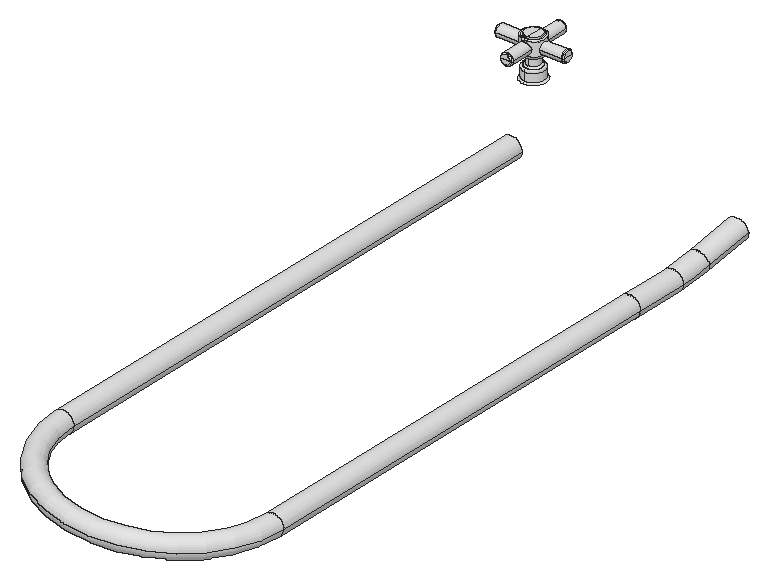
Revit family "Deca_Ducha higiênica com registro e derivação_Izy_1984.37.ACT", category Plumbing Fixtures, host Face, Revit 2020 (continued)
Lines and regions (m)
  symbolic lines
    curve 356: arc (0, 0.044216, 0.067641) -> (0, 0.063098, 0.065649) -> (0, 0.081864, 0.062763) r 0.4
    curve 357: arc (0, 0.044616, 0.063544) -> (0, 0.043697, 0.064259) -> (0, 0.043566, 0.065416) r 0.0015
    curve 358: line (0, 0.044616, 0.063544) -> (0, 0.046859, 0.062924)
    curve 359: arc (0, 0.046859, 0.062924) -> (0, 0.057298, 0.059852) -> (0, 0.06765, 0.056497) r 0.4
    curve 360: arc (0, 0.06765, 0.056497) -> (0, 0.072069, 0.054595) -> (0, 0.076132, 0.052018) r 0.03032
    curve 361: line (0, 0.044216, 0.067641) -> (0, 0.043566, 0.065416)
    curve 362: arc (0, 0.047263, 0.064369) -> (0, 0.064349, 0.062458) -> (0, 0.081338, 0.05981) r 0.397
    curve 363: arc (0, 0.081338, 0.05981) -> (0, 0.087055, 0.059966) -> (0, 0.092775, 0.060013) r 0.301364
    curve 364: arc (0, 0.076132, 0.052018) -> (0, 0.081951, 0.046206) -> (0, 0.086046, 0.039074) r 0.031159
    curve 365: line (0, 0.103231, 0.047087) -> (0, 0.076527, 0.034635)
    curve 366: line (0, 0.076527, 0.034635) -> (0, 0.087714, 0.010781)
    curve 367: line (0, 0.087714, 0.010781) -> (0, 0.089298, 0.009867)
    curve 368: line (0, 0.111254, 0.021821) -> (0, 0.110934, 0.020015)
    curve 369: line (0, 0.111254, 0.021821) -> (0, 0.104125, 0.037021)
    curve 370: line (0, 0.103834, 0.046822) -> (0, 0.107226, 0.039577)
    curve 371: line (0, 0.102686, 0.036899) -> (0, 0.106985, 0.038912)
    curve 372: arc (0, 0.107226, 0.039577) -> (0, 0.107243, 0.039194) -> (0, 0.106985, 0.038912) r 0.0005
    curve 373: arc (0, 0.103231, 0.047087) -> (0, 0.103582, 0.047068) -> (0, 0.103834, 0.046822) r 0.0005
    curve 374: line (0, 0.102686, 0.036899) -> (0, 0.099076, 0.044595)
    curve 375: arc (0, 0.104125, 0.037021) -> (0, 0.104108, 0.037403) -> (0, 0.104366, 0.037686) r 0.0005
    curve 376: arc (0, 0.099076, 0.044595) -> (0, 0.099076, 0.045028) -> (0, 0.099409, 0.045305) r 0.00051
    curve 377: line (0, 0.11205, 0.020538) -> (0, 0.113375, 0.015637)
    curve 378: line (0, 0.091113, 0.005196) -> (0, 0.113375, 0.015637)
    curve 379: line (0, 0.091113, 0.005196) -> (0, 0.088192, 0.009348)
    curve 380: line (0, 0.088192, 0.009348) -> (0, 0.11205, 0.020538)
    curve 381: line (0, 0.0309, 0.04718) -> (0, 0.0249, 0.04718)
    curve 382: line (0, 0.0309, 0.02304) -> (0, 0.0309, 0.04718)
    curve 383: line (0, 0.0249, 0.02304) -> (0, 0.0309, 0.02304)
    curve 384: line (0, 0.0249, 0.04718) -> (0, 0.0249, 0.02304)
    curve 385: line (0, 0.0214, 0.046887) -> (0, 0.0214, 0.02339)
    curve 386: line (0, 0.0214, 0.02339) -> (0, 0.0249, 0.02339)
    curve 387: arc (0, 0.014685, 0.018011) -> (0, 0.0156, 0.020857) -> (0, 0.018, 0.022639) r 0.004894
    curve 388: line (0, 0.014685, 0.015442) -> (0, 0.014685, 0.018011)
    curve 389: line (0, -0.014685, 0.018011) -> (0, -0.014685, 0.015442)
    curve 390: arc (0, -0.018, 0.022639) -> (0, -0.015601, 0.020859) -> (0, -0.014685, 0.018016) r 0.00489
    curve 391: line (0, -0.018, 0.022639) -> (0, -0.018, 0.047626)
    curve 392: arc (0, -0.010509, 0.03122) -> (0, -0.008944, 0.035141) -> (0, -0.010509, 0.039062) r 0.005693
    curve 393: arc (0, -0.018, 0.04635) -> (0, -0.014036, 0.042931) -> (0, -0.010509, 0.039062) r 0.043617
    curve 394: arc (0, -0.010509, 0.03122) -> (0, -0.014114, 0.02743) -> (0, -0.018, 0.02393) r 0.06767
    curve 395: arc (0, 0.010509, 0.03122) -> (0, 0.008944, 0.035141) -> (0, 0.010509, 0.039062) r 0.005693
    curve 396: arc (0, 0.018, 0.04635) -> (0, 0.014035, 0.042931) -> (0, 0.010509, 0.039062) r 0.043617
    curve 397: arc (0, 0.010509, 0.03122) -> (0, 0.014114, 0.02743) -> (0, 0.018, 0.02393) r 0.06767
    curve 398: line (0, 0.0214, 0.025875) -> (0, 0.0195, 0.025875)
    curve 399: line (0, 0.018, 0.024825) -> (0, 0.0195, 0.025875)
    curve 400: line (0, 0.019955, 0.019516) -> (0, 0.018907, 0.02546)
    curve 401: line (0, 0.047263, 0.064369) -> (0, 0.043743, 0.066022)
    curve 402: line (0, -0.0301, 0.045125) -> (0, -0.0301, 0.025155)
    curve 403: line (0, -0.021115, 0.04614) -> (0, -0.029085, 0.04614)
    curve 404: line (0, -0.0201, 0.025155) -> (0, -0.0201, 0.045125)
    curve 405: arc (0, -0.0201, 0.045125) -> (0, -0.020397, 0.045843) -> (0, -0.021115, 0.04614) r 0.001015
    curve 406: arc (0, -0.0301, 0.045125) -> (0, -0.029803, 0.045843) -> (0, -0.029085, 0.04614) r 0.001015
    curve 407: line (0, -0.021115, 0.02414) -> (0, -0.029085, 0.02414)
    curve 408: arc (0, -0.0201, 0.025155) -> (0, -0.020397, 0.024437) -> (0, -0.021115, 0.02414) r 0.001015
    curve 409: arc (0, -0.0301, 0.025155) -> (0, -0.029803, 0.024437) -> (0, -0.029085, 0.02414) r 0.001015
    curve 410: line (0, -0.018, 0.045455) -> (0, -0.0201, 0.044318)
    curve 411: line (0, -0.018, 0.024825) -> (0, -0.0201, 0.025854)
    curve 412: line (0, -0.0201, 0.03514) -> (0, -0.0301, 0.03514)
    curve 413: line (0, -0.0393, 0.025) -> (0, -0.0393, 0.045)
    curve 414: line (0, -0.569236, 0.042) -> (0, -0.0301, 0.042)
    curve 415: arc (0, -0.569236, 0.042) -> (0, -0.604881, 0.041067) -> (0, -0.640429, 0.038269) r 0.681084
    curve 416: arc (0, -0.640429, 0.038269) -> (0, -0.653227, 0.035549) -> (0, -0.66518, 0.030227) r 0.062585
    curve 417: arc (0, -0.66518, 0.030227) -> (0, -0.668663, 0.022758) -> (0, -0.662835, 0.016931) r 0.007184
    curve 418: arc (0, -0.662835, 0.016931) -> (0, -0.638025, 0.013444) -> (0, -0.613031, 0.011696) r 0.35895
    curve 419: line (0, -0.613031, 0.011696) -> (0, -0.078031, 0.011696)
    curve 420: line (0, -0.078031, 0.011696) -> (0, -0.015153, 0.019417)
    curve 421: line (0, -0.1143, 0.045) -> (0, -0.1143, 0.00817)
    curve 422: line (0, -0.1218, 0.045) -> (0, -0.1218, 0.00817)
    curve 423: line (0, -0.1293, 0.045) -> (0, -0.1293, 0.00817)
    curve 424: line (0, -0.1368, 0.045) -> (0, -0.1368, 0.00817)
    curve 425: line (0, -0.1443, 0.045) -> (0, -0.1443, 0.00817)
    curve 426: line (0, -0.1518, 0.045) -> (0, -0.1518, 0.00817)
    curve 427: line (0, -0.1593, 0.045) -> (0, -0.1593, 0.00817)
    curve 428: line (0, -0.1668, 0.045) -> (0, -0.1668, 0.00817)
    curve 429: line (0, -0.1743, 0.045) -> (0, -0.1743, 0.00817)
    curve 430: line (0, -0.1818, 0.045) -> (0, -0.1818, 0.00817)
    curve 431: line (0, -0.1893, 0.045) -> (0, -0.1893, 0.00817)
    curve 432: line (0, -0.1968, 0.045) -> (0, -0.1968, 0.00817)
    curve 433: line (0, -0.2043, 0.045) -> (0, -0.2043, 0.00817)
    curve 434: line (0, -0.2118, 0.045) -> (0, -0.2118, 0.00817)
    curve 435: line (0, -0.2193, 0.045) -> (0, -0.2193, 0.00817)
    curve 436: line (0, -0.2268, 0.045) -> (0, -0.2268, 0.00817)
    curve 437: line (0, -0.2343, 0.045) -> (0, -0.2343, 0.00817)
    curve 438: line (0, -0.2418, 0.045) -> (0, -0.2418, 0.00817)
    curve 439: line (0, -0.2493, 0.045) -> (0, -0.2493, 0.00817)
    curve 440: line (0, -0.2568, 0.045) -> (0, -0.2568, 0.00817)
    curve 441: line (0, -0.2643, 0.045) -> (0, -0.2643, 0.00817)
    curve 442: line (0, -0.2718, 0.045) -> (0, -0.2718, 0.00817)
    curve 443: line (0, -0.2793, 0.045) -> (0, -0.2793, 0.00817)
    curve 444: line (0, -0.2868, 0.045) -> (0, -0.2868, 0.00817)
    curve 445: line (0, -0.2943, 0.045) -> (0, -0.2943, 0.00817)
    curve 446: line (0, -0.3018, 0.045) -> (0, -0.3018, 0.00817)
    curve 447: line (0, -0.3093, 0.045) -> (0, -0.3093, 0.00817)
    curve 448: line (0, -0.3168, 0.045) -> (0, -0.3168, 0.00817)
    curve 449: line (0, -0.3243, 0.045) -> (0, -0.3243, 0.00817)
    curve 450: line (0, -0.3318, 0.045) -> (0, -0.3318, 0.00817)
    curve 451: line (0, -0.3393, 0.045) -> (0, -0.3393, 0.00817)
    curve 452: line (0, -0.3468, 0.045) -> (0, -0.3468, 0.00817)
    curve 453: line (0, -0.3543, 0.045) -> (0, -0.3543, 0.00817)
    curve 454: line (0, -0.3618, 0.045) -> (0, -0.3618, 0.00817)
    curve 455: line (0, -0.3693, 0.045) -> (0, -0.3693, 0.00817)
    curve 456: line (0, -0.3768, 0.045) -> (0, -0.3768, 0.00817)
    curve 457: line (0, -0.3843, 0.045) -> (0, -0.3843, 0.00817)
    curve 458: line (0, -0.3918, 0.045) -> (0, -0.3918, 0.00817)
    curve 459: line (0, -0.3993, 0.045) -> (0, -0.3993, 0.00817)
    curve 460: line (0, -0.4068, 0.045) -> (0, -0.4068, 0.00817)
    curve 461: line (0, -0.4143, 0.045) -> (0, -0.4143, 0.00817)
    curve 462: line (0, -0.4218, 0.045) -> (0, -0.4218, 0.00817)
    curve 463: line (0, -0.4293, 0.045) -> (0, -0.4293, 0.00817)
    curve 464: line (0, -0.4368, 0.045) -> (0, -0.4368, 0.00817)
    curve 465: line (0, -0.4443, 0.045) -> (0, -0.4443, 0.00817)
    curve 466: line (0, -0.4518, 0.045) -> (0, -0.4518, 0.00817)
    curve 467: line (0, -0.4593, 0.045) -> (0, -0.4593, 0.00817)
    curve 468: line (0, -0.4668, 0.045) -> (0, -0.4668, 0.00817)
    curve 469: line (0, -0.4743, 0.045) -> (0, -0.4743, 0.00817)
    curve 470: line (0, -0.4818, 0.045) -> (0, -0.4818, 0.00817)
    curve 471: line (0, -0.4893, 0.045) -> (0, -0.4893, 0.00817)
    curve 472: line (0, -0.4968, 0.045) -> (0, -0.4968, 0.00817)
    curve 473: line (0, -0.5043, 0.045) -> (0, -0.5043, 0.00817)
    curve 474: line (0, -0.5118, 0.045) -> (0, -0.5118, 0.00817)
    curve 475: line (0, -0.5193, 0.045) -> (0, -0.5193, 0.00817)
    curve 476: line (0, -0.5268, 0.045) -> (0, -0.5268, 0.00817)
    curve 477: line (0, -0.5343, 0.045) -> (0, -0.5343, 0.00817)
    curve 478: line (0, -0.5418, 0.045) -> (0, -0.5418, 0.00817)
    curve 479: line (0, -0.5493, 0.045) -> (0, -0.5493, 0.00817)
    curve 480: line (0, -0.5568, 0.045) -> (0, -0.5568, 0.00817)
    curve 481: line (0, -0.5643, 0.045) -> (0, -0.5643, 0.00817)
    curve 482: line (0, -0.5718, 0.045) -> (0, -0.5718, 0.00817)
    curve 483: line (0, -0.5793, 0.045) -> (0, -0.5793, 0.00817)
    curve 484: line (0, -0.5868, 0.045) -> (0, -0.5868, 0.00817)
    curve 485: line (0, -0.5943, 0.045) -> (0, -0.5943, 0.00817)
    curve 486: line (0, -0.6018, 0.045) -> (0, -0.6018, 0.00817)
    curve 487: line (0, -0.6093, 0.045) -> (0, -0.6093, 0.00817)
    curve 488: line (0, -0.6168, 0.045) -> (0, -0.6168, 0.00817)
    curve 489: line (0, -0.6243, 0.045) -> (0, -0.6243, 0.00817)
    curve 490: line (0, -0.6318, 0.045) -> (0, -0.6318, 0.00817)
    curve 491: line (0, -0.6393, 0.04317) -> (0, -0.6393, 0.009431)
    curve 492: line (0, -0.6468, 0.040633) -> (0, -0.6468, 0.010633)
    curve 493: line (0, -0.6543, 0.039357) -> (0, -0.6543, 0.012649)
    curve 494: line (0, -0.6618, 0.037097) -> (0, -0.6618, 0.014914)
    curve 495: line (0, -0.1068, 0.045) -> (0, -0.1068, 0.00817)
    curve 496: line (0, -0.0993, 0.045) -> (0, -0.0993, 0.00817)
    curve 497: line (0, -0.0918, 0.045) -> (0, -0.0918, 0.00817)
    curve 498: line (0, -0.0843, 0.045) -> (0, -0.0843, 0.00817)
    curve 499: line (0, -0.0768, 0.045) -> (0, -0.0768, 0.00817)
    curve 500: line (0, -0.0693, 0.045) -> (0, -0.0693, 0.00817)
    curve 501: line (0, -0.064286, 0.008216) -> (0, -0.067361, 0.025656)
    curve 502: line (0, -0.0569, 0.009519) -> (0, -0.0598, 0.025965)
    curve 503: line (0, -0.049514, 0.010821) -> (0, -0.0523, 0.026621)
    curve 504: line (0, -0.042128, 0.012123) -> (0, -0.0448, 0.027277)
    curve 505: line (0, -0.034742, 0.013426) -> (0, -0.0373, 0.027933)
    curve 506: line (0, -0.027356, 0.014728) -> (0, -0.028975, 0.023911)
    curve 507: line (0, -0.0618, 0.045) -> (0, -0.0618, 0.025612)
    curve 508: line (0, -0.0543, 0.045) -> (0, -0.0543, 0.025)
    curve 509: line (0, -0.0468, 0.045) -> (0, -0.0468, 0.025)
    curve 510: line (0, -0.014645, 0.07402) -> (0, -0.014645, 0.052104)
    curve 511: line (0, -0.014645, 0.053298) -> (0, 0.01463, 0.053298)
    curve 512: line (0, 0.01463, 0.052104) -> (0, 0.01463, 0.07402)
    curve 513: line (0, -0.015126, 0.07402) -> (0, 0.015126, 0.07402)
    curve 514: line (0, 0.015126, 0.07402) -> (0, 0.015126, 0.08235)
    curve 515: line (0, -0.015126, 0.07402) -> (0, -0.015126, 0.08235)
    curve 516: line (0, 0, 0.082887) -> (0, -0.011662, 0.082887)
    curve 517: arc (0, -0.008662, 0.094044) -> (0, -0.009722, 0.093605) -> (0, -0.010162, 0.092544) r 0.0015
    curve 518: arc (0, -0.007583, 0.09412) -> (0, -0.006532, 0.094838) -> (0, -0.006127, 0.096044) r 0.002
    curve 519: line (0, -0.006127, 0.096044) -> (0, -0.006127, 0.104275)
    curve 520: line (0, -0.010162, 0.084387) -> (0, -0.010162, 0.092544)
    curve 521: line (0, -0.008662, 0.094044) -> (0, -0.007583, 0.09412)
    curve 522: line (0, 0, 0.082887) -> (0, 0.011662, 0.082887)
    curve 523: arc (0, -0.010162, 0.084387) -> (0, -0.010601, 0.083327) -> (0, -0.011662, 0.082887) r 0.0015
    curve 524: line (0, -0.011662, 0.082887) -> (0, -0.013863, 0.082887)
    curve 525: line (0, -0.015126, 0.08235) -> (0, -0.013863, 0.082887)
    curve 526: arc (0, 0.008662, 0.094044) -> (0, 0.009722, 0.093605) -> (0, 0.010162, 0.092544) r 0.0015
    curve 527: arc (0, 0.007583, 0.09412) -> (0, 0.006532, 0.094838) -> (0, 0.006127, 0.096044) r 0.002
    curve 528: line (0, 0.006127, 0.096044) -> (0, 0.006127, 0.104275)
    curve 529: line (0, 0.010162, 0.084387) -> (0, 0.010162, 0.092544)
    curve 530: line (0, 0.008662, 0.094044) -> (0, 0.007583, 0.09412)
    curve 531: arc (0, 0.010162, 0.084387) -> (0, 0.010601, 0.083327) -> (0, 0.011662, 0.082887) r 0.0015
    curve 532: line (0, 0.011662, 0.082887) -> (0, 0.013863, 0.082887)
    curve 533: line (0, 0.015126, 0.08235) -> (0, 0.013863, 0.082887)
    curve 534: line (0, -0.008662, 0.094044) -> (0, 0.008662, 0.094044)
    curve 535: line (0, 0.008958, 0.104275) -> (0, -0.008959, 0.104275)
    curve 536: arc (0, 0.008958, 0.104275) -> (0, 0.010373, 0.10486) -> (0, 0.010958, 0.106275) r 0.002
    curve 537: arc (0, -0.010959, 0.106275) -> (0, -0.010373, 0.10486) -> (0, -0.008959, 0.104275) r 0.002
    curve 538: arc (0, -0.032876, 0.107765) -> (0, -0.032579, 0.107054) -> (0, -0.031864, 0.106765) r 0.001
    curve 539: line (0, -0.032876, 0.116724) -> (0, -0.032876, 0.107765)
    curve 540: arc (0, -0.031876, 0.117724) -> (0, -0.032583, 0.117431) -> (0, -0.032876, 0.116724) r 0.001
    curve 541: line (0, -0.031876, 0.117724) -> (0, -0.010959, 0.117724)
    curve 542: line (0, -0.010959, 0.106765) -> (0, -0.031864, 0.106765)
    curve 543: line (0, 0.031876, 0.106765) -> (0, 0.010958, 0.106765)
    curve 544: arc (0, 0.031876, 0.106765) -> (0, 0.032583, 0.107058) -> (0, 0.032876, 0.107765) r 0.001
    curve 545: line (0, 0.032876, 0.107765) -> (0, 0.032876, 0.116716)
    curve 546: arc (0, 0.032876, 0.116716) -> (0, 0.032585, 0.117428) -> (0, 0.031876, 0.117724) r 0.001
    curve 547: line (0, 0.010958, 0.117724) -> (0, 0.031876, 0.117724)
    curve 548: arc (0, 0.010958, 0.106765) -> (0, 0.009502, 0.112244) -> (0, 0.010958, 0.117724) r 0.011032
    curve 549: arc (0, -0.010959, 0.106765) -> (0, -0.009502, 0.112244) -> (0, -0.010959, 0.117724) r 0.011032
    curve 550: line (0, 0.009958, 0.120214) -> (0, -0.009959, 0.120214)
    curve 551: arc (0, -0.009959, 0.120214) -> (0, -0.010666, 0.119921) -> (0, -0.010959, 0.119214) r 0.001
    curve 552: line (0, -0.010959, 0.117724) -> (0, -0.010959, 0.119214)
    curve 553: arc (0, 0.010958, 0.119214) -> (0, 0.010666, 0.119921) -> (0, 0.009958, 0.120214) r 0.001
    curve 554: line (0, 0.010958, 0.119214) -> (0, 0.010958, 0.117724)
    curve 555: line (0, 0.004411, 0.111467) -> (0, 0.004209, 0.110712)
    curve 556: line (0, 0.004209, 0.110712) -> (0, 0.003879, 0.110005)
    curve 557: line (0, 0.003879, 0.110005) -> (0, 0.003431, 0.109365)
    curve 558: line (0, 0.003431, 0.109365) -> (0, 0.002879, 0.108813)
    curve 559: line (0, 0.002879, 0.108813) -> (0, 0.00224, 0.108365)
    curve 560: line (0, 0.00224, 0.108365) -> (0, 0.001532, 0.108035)
    curve 561: line (0, 0.001532, 0.108035) -> (0, 0.000778, 0.107833)
    curve 562: line (0, 0.000778, 0.107833) -> (0, 0, 0.107765)
    curve 563: line (0, 0, 0.107765) -> (0, -0.000778, 0.107833)
    curve 564: line (0, -0.000778, 0.107833) -> (0, -0.001532, 0.108035)
    curve 565: line (0, -0.001532, 0.108035) -> (0, -0.00224, 0.108365)
    curve 566: line (0, -0.00224, 0.108365) -> (0, -0.002879, 0.108813)
    curve 567: line (0, -0.002879, 0.108813) -> (0, -0.003431, 0.109365)
    curve 568: line (0, -0.003431, 0.109365) -> (0, -0.003879, 0.110005)
    curve 569: line (0, -0.003879, 0.110005) -> (0, -0.004209, 0.110712)
    curve 570: line (0, -0.004209, 0.110712) -> (0, -0.004411, 0.111467)
    curve 571: line (0, -0.004411, 0.111467) -> (0, -0.004479, 0.112244)
    curve 572: line (0, -0.004479, 0.112244) -> (0, -0.004411, 0.113022)
    curve 573: line (0, -0.004411, 0.113022) -> (0, -0.004209, 0.113776)
    curve 574: line (0, -0.004209, 0.113776) -> (0, -0.003879, 0.114484)
    curve 575: line (0, -0.003879, 0.114484) -> (0, -0.003431, 0.115124)
    curve 576: line (0, -0.003431, 0.115124) -> (0, -0.002879, 0.115676)
    curve 577: line (0, -0.002879, 0.115676) -> (0, -0.00224, 0.116124)
    curve 578: line (0, -0.00224, 0.116124) -> (0, -0.001532, 0.116454)
    curve 579: line (0, -0.001532, 0.116454) -> (0, -0.000778, 0.116656)
    curve 580: line (0, -0.000778, 0.116656) -> (0, 0, 0.116724)
    curve 581: line (0, 0, 0.116724) -> (0, 0.000778, 0.116656)
    curve 582: line (0, 0.000778, 0.116656) -> (0, 0.001532, 0.116454)
    curve 583: line (0, 0.001532, 0.116454) -> (0, 0.00224, 0.116124)
    curve 584: line (0, 0.00224, 0.116124) -> (0, 0.002879, 0.115676)
    curve 585: line (0, 0.002879, 0.115676) -> (0, 0.003431, 0.115124)
    curve 586: line (0, 0.003431, 0.115124) -> (0, 0.003879, 0.114484)
    curve 587: line (0, 0.003879, 0.114484) -> (0, 0.004209, 0.113776)
    curve 588: line (0, 0.004209, 0.113776) -> (0, 0.004411, 0.113022)
    curve 589: line (0, 0.004411, 0.113022) -> (0, 0.004479, 0.112244)
    curve 590: line (0, 0.004479, 0.112244) -> (0, 0.004411, 0.111467)
    curve 591: arc (0, 0.005479, 0.112245) -> (0, 0.003874, 0.116119) -> (0, 0, 0.117724) r 0.00548
    curve 592: arc (0, 0, 0.117724) -> (0, -0.003874, 0.116119) -> (0, -0.005479, 0.112245) r 0.005479
    curve 593: line (0, -0.005479, 0.112245) -> (0, -0.005396, 0.111293)
    curve 594: line (0, -0.005396, 0.111293) -> (0, -0.005149, 0.11037)
    curve 595: line (0, -0.005149, 0.11037) -> (0, -0.004745, 0.109505)
    curve 596: line (0, -0.004745, 0.109505) -> (0, -0.004197, 0.108722)
    curve 597: line (0, -0.004197, 0.108722) -> (0, -0.003522, 0.108047)
    curve 598: line (0, -0.003522, 0.108047) -> (0, -0.00274, 0.107499)
    curve 599: line (0, -0.00274, 0.107499) -> (0, -0.001874, 0.107096)
    curve 600: line (0, -0.001874, 0.107096) -> (0, -0.000952, 0.106848)
    curve 601: line (0, -0.000952, 0.106848) -> (0, 0, 0.106765)
    curve 602: line (0, 0, 0.106765) -> (0, 0.000951, 0.106848)
    curve 603: line (0, 0.000951, 0.106848) -> (0, 0.001874, 0.107096)
    curve 604: line (0, 0.001874, 0.107096) -> (0, 0.00274, 0.107499)
    curve 605: line (0, 0.00274, 0.107499) -> (0, 0.003522, 0.108047)
    curve 606: line (0, 0.003522, 0.108047) -> (0, 0.004197, 0.108722)
    curve 607: line (0, 0.004197, 0.108722) -> (0, 0.004745, 0.109505)
    curve 608: line (0, 0.004745, 0.109505) -> (0, 0.005149, 0.11037)
    curve 609: line (0, 0.005149, 0.11037) -> (0, 0.005396, 0.111293)
    curve 610: line (0, 0.005396, 0.111293) -> (0, 0.005479, 0.112245)
    curve 611: line (0, 0, 0.082887) -> (0, 0, 0.07402)
    curve 612: line (0, 0.010652, 0.07402) -> (0, 0.010652, 0.082887)
    curve 613: line (0, -0.010804, 0.07402) -> (0, -0.010804, 0.082887)
    curve 614: arc (0, 0.014629, 0.052131) -> (0, 0.015601, 0.049342) -> (0, 0.018, 0.047621) r 0.00489
    curve 615: line (0, 0.029887, 0) -> (0, -0.029887, 0)
    curve 616: line (0, -0.029887, 0) -> (0, -0.029887, 0.002639)
    curve 617: arc (0, -0.029887, 0.002639) -> (0, -0.029738, 0.003415) -> (0, -0.029301, 0.004073) r 0.002
    curve 618: line (0, -0.029301, 0.004073) -> (0, -0.021214, 0.01216)
    curve 619: arc (0, -0.021214, 0.01216) -> (0, -0.020889, 0.012377) -> (0, -0.020507, 0.012453) r 0.001
    curve 620: line (0, -0.020507, 0.012453) -> (0, 0.020507, 0.012453)
    curve 621: arc (0, 0.020507, 0.012453) -> (0, 0.020889, 0.012377) -> (0, 0.021214, 0.01216) r 0.001
    curve 622: line (0, 0.021214, 0.01216) -> (0, 0.029301, 0.004073)
    curve 623: arc (0, 0.029301, 0.004073) -> (0, 0.029735, 0.003424) -> (0, 0.029887, 0.002658) r 0.002
    curve 624: line (0, 0.029887, 0.002658) -> (0, 0.029887, 0)
    curve 625: line (0, -0.01859, 0.014043) -> (0, -0.016792, 0.015081)
    curve 626: line (0, -0.019925, 0.012453) -> (0, -0.01859, 0.014043)
    curve 627: line (0, -0.014748, 0.015442) -> (0, 0.014748, 0.015442)
    curve 628: line (0, -0.016792, 0.015081) -> (0, -0.014748, 0.015442)
    curve 629: line (0, 0.01859, 0.014043) -> (0, 0.019925, 0.012453)
    curve 630: line (0, 0.016792, 0.015081) -> (0, 0.01859, 0.014043)
    curve 631: line (0, 0.014748, 0.015442) -> (0, 0.016792, 0.015081)
    curve 632: line (0, -0.029301, 0.004073) -> (0, 0.029301, 0.004073)
    curve 633: line (0.207973, 0, 0.064113) -> (0.207973, 0, 0.05981)
    curve 634: line (0.207973, 0, 0.05981) -> (0.207973, 0, 0.044441)
    curve 635: line (0.194973, 0, 0.067641) -> (0.204973, 0, 0.067641)
    curve 636: line (0.191973, 0, 0.044447) -> (0.191973, 0, 0.064113)
    curve 637: arc (0.207973, 0, 0.064113) -> (0.207289, 0, 0.066571) -> (0.204973, 0, 0.067641) r 0.00304
    curve 638: arc (0.191973, 0, 0.064113) -> (0.192658, 0, 0.066571) -> (0.194973, 0, 0.067641) r 0.00304
    curve 639: line (0.204973, 0, 0.067641) -> (0.204973, 0, 0.062763)
    curve 640: line (0.194973, 0, 0.062763) -> (0.194973, 0, 0.067641)
    curve 641: line (0.199973, 0, 0.047118) -> (0.199973, 0, 0.061008)
    curve 642: arc (0.204973, 0, 0.062763) -> (0.204527, 0, 0.062018) -> (0.203766, 0, 0.0616) r 0.001659
    curve 643: arc (0.203766, 0, 0.0616) -> (0.199961, 0, 0.061008) -> (0.196155, 0, 0.0616) r 0.012523
    curve 644: arc (0.194973, 0, 0.062763) -> (0.19542, 0, 0.062018) -> (0.196181, 0, 0.0616) r 0.001659
    curve 645: arc (0.204973, 0, 0.062763) -> (0.207092, 0, 0.061915) -> (0.207973, 0, 0.05981) r 0.002954
    curve 646: arc (0.194973, 0, 0.062763) -> (0.192855, 0, 0.061915) -> (0.191973, 0, 0.05981) r 0.002954
    curve 647: line (0.207973, 0, 0.05981) -> (0.191973, 0, 0.05981)
    curve 648: line (0.205473, 0, 0.045114) -> (0.207435, 0, 0.044633)
    curve 649: line (0.207435, 0, 0.044633) -> (0.20917, 0, 0.044014)
    curve 650: line (0.20917, 0, 0.044014) -> (0.210626, 0, 0.043276)
    curve 651: line (0.210626, 0, 0.043276) -> (0.211758, 0, 0.042443)
    curve 652: line (0.211758, 0, 0.042443) -> (0.212532, 0, 0.041538)
    curve 653: line (0.212532, 0, 0.041538) -> (0.212925, 0, 0.040591)
    curve 654: line (0.212973, 0, 0.040112) -> (0.212973, 0, 0.016301)
    curve 655: line (0.212973, 0, 0.016301) -> (0.212776, 0, 0.01726)
    curve 656: line (0.212776, 0, 0.01726) -> (0.212189, 0, 0.018189)
    curve 657: line (0.212189, 0, 0.018189) -> (0.211232, 0, 0.019061)
    curve 658: line (0.211232, 0, 0.019061) -> (0.209932, 0, 0.01985)
    curve 659: line (0.209932, 0, 0.01985) -> (0.20833, 0, 0.02053)
    curve 660: line (0.20833, 0, 0.02053) -> (0.206473, 0, 0.021082)
    curve 661: line (0.206473, 0, 0.021082) -> (0.20442, 0, 0.021489)
    curve 662: line (0.20442, 0, 0.021489) -> (0.202231, 0, 0.021738)
    curve 663: line (0.202231, 0, 0.021738) -> (0.199973, 0, 0.021821)
    curve 664: line (0.199973, 0, 0.021821) -> (0.197716, 0, 0.021738)
    curve 665: line (0.197716, 0, 0.021738) -> (0.195527, 0, 0.021489)
    curve 666: line (0.195527, 0, 0.021489) -> (0.193473, 0, 0.021082)
    curve 667: line (0.193473, 0, 0.021082) -> (0.191617, 0, 0.02053)
    curve 668: line (0.191617, 0, 0.02053) -> (0.190015, 0, 0.01985)
    curve 669: line (0.190015, 0, 0.01985) -> (0.188715, 0, 0.019061)
    curve 670: line (0.188715, 0, 0.019061) -> (0.187757, 0, 0.018189)
    curve 671: line (0.187757, 0, 0.018189) -> (0.187171, 0, 0.01726)
    curve 672: line (0.187171, 0, 0.01726) -> (0.186973, 0, 0.016301)
    curve 673: line (0.186973, 0, 0.016301) -> (0.186973, 0, 0.040112)
    curve 674: line (0.186973, 0, 0.040112) -> (0.187171, 0, 0.041071)
    curve 675: line (0.187171, 0, 0.041071) -> (0.187757, 0, 0.042)
    curve 676: line (0.187757, 0, 0.042) -> (0.188715, 0, 0.042872)
    curve 677: line (0.188715, 0, 0.042872) -> (0.190015, 0, 0.043661)
    curve 678: line (0.190015, 0, 0.043661) -> (0.191617, 0, 0.044341)
    curve 679: line (0.191617, 0, 0.044341) -> (0.193473, 0, 0.044893)
    curve 680: line (0.193473, 0, 0.044893) -> (0.194473, 0, 0.045114)
    curve 681: line (0.216974, 0, 0) -> (0.182974, 0, 0)
    curve 682: line (0.182974, 0, 0.028726) -> (0.182974, 0, 0)
    curve 683: line (0.216974, 0, 0) -> (0.216974, 0, 0.028726)
    curve 684: arc (0.216974, 0, 0.028726) -> (0.21594, 0, 0.034377) -> (0.212973, 0, 0.039297) r 0.015966
    curve 685: arc (0.182974, 0, 0.028726) -> (0.184007, 0, 0.034408) -> (0.186973, 0, 0.039362) r 0.016139
    curve 686: line (0.212342, 0, 0.010579) -> (0.212332, 0, 0.011501)
    curve 687: line (0.212332, 0, 0.011501) -> (0.211945, 0, 0.012405)
    curve 688: line (0.211945, 0, 0.012405) -> (0.211195, 0, 0.013266)
    curve 689: line (0.211195, 0, 0.013266) -> (0.210104, 0, 0.01406)
    curve 690: line (0.210104, 0, 0.01406) -> (0.208705, 0, 0.01476)
    curve 691: line (0.208705, 0, 0.01476) -> (0.20704, 0, 0.015347)
    curve 692: line (0.20704, 0, 0.015347) -> (0.205161, 0, 0.015803)
    curve 693: line (0.205161, 0, 0.015803) -> (0.203125, 0, 0.016112)
    curve 694: line (0.203125, 0, 0.016112) -> (0.200992, 0, 0.016267)
    curve 695: line (0.200992, 0, 0.016267) -> (0.198829, 0, 0.016263)
    curve 696: line (0.198829, 0, 0.016263) -> (0.1967, 0, 0.016099)
    curve 697: line (0.1967, 0, 0.016099) -> (0.194671, 0, 0.01578)
    curve 698: line (0.194671, 0, 0.01578) -> (0.192803, 0, 0.015317)
    curve 699: line (0.192803, 0, 0.015317) -> (0.191153, 0, 0.014722)
    curve 700: line (0.191153, 0, 0.014722) -> (0.189771, 0, 0.014016)
    curve 701: line (0.189771, 0, 0.014016) -> (0.188699, 0, 0.013218)
    curve 702: line (0.188699, 0, 0.013218) -> (0.187969, 0, 0.012353)
    curve 703: line (0.187969, 0, 0.012353) -> (0.187604, 0, 0.011447)
    curve 704: line (0.187604, 0, 0.011447) -> (0.187604, 0, 0.010581)
    curve 705: arc (0.212342, 0, 0.010579) -> (0.212804, 0, 0.012282) -> (0.212973, 0, 0.014038) r 0.010485
    curve 706: line (0.212973, 0, 0.016301) -> (0.212973, 0, 0.014038)
    curve 707: arc (0.187604, 0, 0.010581) -> (0.187143, 0, 0.012283) -> (0.186973, 0, 0.014038) r 0.010485
    curve 708: line (0.186973, 0, 0.016301) -> (0.186973, 0, 0.014038)
    curve 709: arc (0.212342, 0, 0.010579) -> (0.211588, 0, 0.009057) -> (0.210333, 0, 0.007913) r 0.004602
    curve 710: arc (0.210333, 0, 0.007913) -> (0.207788, 0, 0.006651) -> (0.205052, 0, 0.005886) r 0.015185
    curve 711: arc (0.205052, 0, 0.005886) -> (0.20034, 0, 0.00543) -> (0.195618, 0, 0.005757) r 0.028639
    curve 712: arc (0.190759, 0, 0.007209) -> (0.193127, 0, 0.006278) -> (0.195618, 0, 0.005757) r 0.015185
    curve 713: arc (0.190759, 0, 0.007209) -> (0.18879, 0, 0.008528) -> (0.187604, 0, 0.010581) r 0.005237
    curve 714: line (0.205473, 0, 0.04646) -> (0.205473, 0, 0.045114)
    curve 715: line (0.205473, 0, 0.045114) -> (0.205751, 0, 0.044077)
    curve 716: line (0.205751, 0, 0.044077) -> (0.205751, 0, 0.036457)
    curve 717: line (0.194473, 0, 0.04646) -> (0.194473, 0, 0.045114)
    curve 718: line (0.194473, 0, 0.045114) -> (0.194196, 0, 0.044077)
    curve 719: line (0.194196, 0, 0.044077) -> (0.194196, 0, 0.036457)
    curve 720: arc (0.205473, 0, 0.04646) -> (0.199973, 0, 0.047118) -> (0.194473, 0, 0.04646) r 0.023323
    curve 721: arc (0.205751, 0, 0.036457) -> (0.199973, 0, 0.037016) -> (0.194196, 0, 0.036457) r 0.030126
    curve 722: arc (0.182663, 0, 0.008846) -> (0.176478, 0, 0.018758) -> (0.182505, 0, 0.028766) r 0.011177
    curve 723: arc (0.179776, 0, 0.0287) -> (0.172969, 0, 0.019353) -> (0.178489, 0, 0.009192) r 0.010824
    curve 724: arc (0.175823, 0, 0.029156) -> (0.170375, 0, 0.019743) -> (0.174171, 0, 0.009551) r 0.012751
    curve 725: arc (0.173124, 0, 0.029566) -> (0.166329, 0, 0.02051) -> (0.170224, 0, 0.00988) r 0.011862
    curve 726: arc (0.16905, 0, 0.029915) -> (0.161807, 0, 0.02093) -> (0.166117, 0, 0.010223) r 0.011403
    curve 727: arc (0.163718, 0, 0.030373) -> (0.157009, 0, 0.021278) -> (0.16114, 0, 0.010759) r 0.011681
    curve 728: arc (0.154319, 0, 0.030602) -> (0.149505, 0, 0.021699) -> (0.152664, 0, 0.012083) r 0.012798
    curve 729: arc (0.148451, 0, 0.030886) -> (0.144686, 0, 0.021963) -> (0.146844, 0, 0.012522) r 0.015776
    curve 730: arc (0.141803, 0, 0.031156) -> (0.139216, 0, 0.022313) -> (0.140846, 0, 0.013245) r 0.020101
    curve 731: arc (0.137267, 0, 0.012661) -> (0.135196, 0, 0.022945) -> (0.139151, 0, 0.03266) r 0.01818
    curve 732: arc (0.132177, 0, 0.033281) -> (0.128422, 0, 0.02362) -> (0.130087, 0, 0.01339) r 0.019708
    curve 733: arc (0.125391, 0, 0.033885) -> (0.12243, 0, 0.023888) -> (0.123248, 0, 0.013494) r 0.028604
    curve 734: arc (0.118482, 0, 0.034499) -> (0.116008, 0, 0.024703) -> (0.116391, 0, 0.014606) r 0.035541
    curve 735: arc (0.111485, 0, 0.035122) -> (0.10965, 0, 0.025244) -> (0.109742, 0, 0.015198) r 0.052191
    curve 736: arc (0.104435, 0, 0.035749) -> (0.103228, 0, 0.025816) -> (0.102692, 0, 0.015825) r 0.148648
    curve 737: arc (0.097368, 0, 0.036378) -> (0.097159, 0, 0.026343) -> (0.095277, 0, 0.016485) r 0.059862
    curve 738: arc (0.088545, 0, 0.017083) -> (0.090883, 0, 0.026917) -> (0.090288, 0, 0.037007) r 0.034714
    curve 739: arc (0.081548, 0, 0.017706) -> (0.084183, 0, 0.027514) -> (0.083291, 0, 0.03763) r 0.029128
    curve 740: arc (0.074638, 0, 0.018321) -> (0.077914, 0, 0.028069) -> (0.07641, 0, 0.038242) r 0.022038
    curve 741: arc (0.067851, 0, 0.018924) -> (0.07123, 0, 0.028667) -> (0.069594, 0, 0.038848) r 0.021118
    curve 742: arc (0.061007, 0, 0.019686) -> (0.065212, 0, 0.029046) -> (0.063076, 0, 0.039082) r 0.01651
    curve 743: arc (0.054707, 0, 0.020247) -> (0.059702, 0, 0.029756) -> (0.056173, 0, 0.0399) r 0.013495
    curve 744: arc (0.048629, 0, 0.020789) -> (0.052419, 0, 0.030359) -> (0.050312, 0, 0.040435) r 0.017906
    curve 745: arc (0.041786, 0, 0.021243) -> (0.047013, 0, 0.030643) -> (0.04412, 0, 0.041003) r 0.014148
    curve 746: arc (0.036627, 0, 0.021702) -> (0.044243, 0, 0.031074) -> (0.03837, 0, 0.041626) r 0.010771
    curve 747: arc (0.032247, 0, 0.022092) -> (0.039011, 0, 0.031672) -> (0.033432, 0, 0.041987) r 0.011122
    curve 748: arc (0.027267, 0, 0.022536) -> (0.034426, 0, 0.032011) -> (0.028713, 0, 0.042423) r 0.010928
    curve 749: arc (0.023162, 0, 0.023055) -> (0.030153, 0, 0.033055) -> (0.023162, 0, 0.043055) r 0.010648
    curve 750: arc (0.018466, 0, 0.023194) -> (0.023735, 0, 0.033243) -> (0.0186, 0, 0.043361) r 0.012374
    curve 751: arc (0.016046, 0, 0.023593) -> (0.020853, 0, 0.033055) -> (0.016046, 0, 0.042516) r 0.011714
    curve 752: arc (0.182974, 0, 0.028726) -> (0.098814, 0, 0.036055) -> (0.014685, 0, 0.043726) r 20.819803
    curve 753: arc (0.182663, 0, 0.008846) -> (0.098657, 0, 0.015997) -> (0.014685, 0, 0.023542) r 17.944347
    curve 754: arc (-0.013062, 0, 0.034831) -> (-0.011605, 0, 0.026415) -> (-0.006953, 0, 0.019251) r 0.021256
    curve 755: arc (0.013062, 0, 0.034831) -> (0.011605, 0, 0.026415) -> (0.006953, 0, 0.019251) r 0.021256
    curve 756: arc (-0.006953, 0, 0.019251) -> (0, 0, 0.016342) -> (0.006953, 0, 0.019251) r 0.009764
    curve 757: arc (-0.013062, 0, 0.034831) -> (-0.011605, 0, 0.043248) -> (-0.006953, 0, 0.050412) r 0.021256
    curve 758: arc (0.013062, 0, 0.034831) -> (0.011605, 0, 0.043248) -> (0.006953, 0, 0.050412) r 0.021256
    curve 759: arc (-0.006953, 0, 0.050412) -> (0, 0, 0.053321) -> (0.006953, 0, 0.050412) r 0.009764
    curve 760: line (0.014645, 0, 0.073986) -> (0.014645, 0, 0.015442)
    curve 761: line (-0.014748, 0, 0.015442) -> (-0.014748, 0, 0.073986)
    curve 762: line (-0.029301, 0, 0.004073) -> (-0.021214, 0, 0.01216)
    curve 763: arc (-0.029887, 0, 0.002639) -> (-0.029738, 0, 0.003415) -> (-0.029301, 0, 0.004073) r 0.002
    curve 764: line (-0.029887, 0, 0) -> (-0.029887, 0, 0.002639)
    curve 765: line (0.029887, 0, 0) -> (-0.029887, 0, 0)
    curve 766: line (0.029887, 0, 0.002658) -> (0.029887, 0, 0)
    curve 767: arc (0.029301, 0, 0.004073) -> (0.029735, 0, 0.003424) -> (0.029887, 0, 0.002658) r 0.002
    curve 768: line (0.021214, 0, 0.01216) -> (0.029301, 0, 0.004073)
    curve 769: line (0.029301, 0, 0.004073) -> (-0.029301, 0, 0.004073)
    curve 770: line (-0.020507, 0, 0.012453) -> (0.020507, 0, 0.012453)
    curve 771: arc (-0.021214, 0, 0.01216) -> (-0.020889, 0, 0.012377) -> (-0.020507, 0, 0.012453) r 0.001
    curve 772: arc (0.020507, 0, 0.012453) -> (0.020889, 0, 0.012377) -> (0.021214, 0, 0.01216) r 0.001
    curve 773: line (0.01859, 0, 0.014043) -> (0.019925, 0, 0.012453)
    curve 774: line (0.016792, 0, 0.015081) -> (0.01859, 0, 0.014043)
    curve 775: line (0.014748, 0, 0.015442) -> (0.016792, 0, 0.015081)
    curve 776: line (-0.019925, 0, 0.012453) -> (-0.01859, 0, 0.014043)
    curve 777: line (-0.01859, 0, 0.014043) -> (-0.016792, 0, 0.015081)
    curve 778: line (-0.016792, 0, 0.015081) -> (-0.014748, 0, 0.015442)
    curve 779: line (-0.014748, 0, 0.015442) -> (0.014748, 0, 0.015442)
    curve 780: circle (0, 0, 0.034868) r 0.012453 normal (0, -1, 0)
    curve 781: line (0.014645, 0, 0.053298) -> (-0.014645, 0, 0.053298)
    curve 782: line (-0.015126, 0, 0.073986) -> (0.015126, 0, 0.073986)
    curve 783: line (0.015126, 0, 0.073986) -> (0.015126, 0, 0.08235)
    curve 784: line (-0.015126, 0, 0.08235) -> (-0.015126, 0, 0.073986)
    curve 785: line (-0.001663, 0, 0.082887) -> (-0.001663, 0, 0.073986)
    curve 786: line (0.001663, 0, 0.073986) -> (0.001663, 0, 0.082887)
    curve 787: line (-0.00952, 0, 0.073986) -> (-0.00952, 0, 0.082887)
    curve 788: line (-0.011872, 0, 0.073986) -> (-0.011872, 0, 0.082887)
    curve 789: line (0.00952, 0, 0.073986) -> (0.00952, 0, 0.082887)
    curve 790: line (0.011872, 0, 0.073986) -> (0.011872, 0, 0.082887)
    curve 791: line (0.01365, 0, 0.082887) -> (-0.01365, 0, 0.082887)
    curve 792: arc (-0.010162, 0, 0.084387) -> (-0.010601, 0, 0.083327) -> (-0.011662, 0, 0.082887) r 0.0015
    curve 793: line (-0.010162, 0, 0.084387) -> (-0.010162, 0, 0.092544)
    curve 794: arc (0.011662, 0, 0.082887) -> (0.010601, 0, 0.083327) -> (0.010162, 0, 0.084387) r 0.0015
    curve 795: line (0.010162, 0, 0.092544) -> (0.010162, 0, 0.084387)
    curve 796: arc (0.01365, 0, 0.082887) -> (0.014436, 0, 0.082749) -> (0.015126, 0, 0.08235) r 0.002297
    curve 797: arc (-0.015126, 0, 0.08235) -> (-0.014436, 0, 0.082749) -> (-0.01365, 0, 0.082887) r 0.002297
    curve 798: arc (-0.010162, 0, 0.092544) -> (-0.009722, 0, 0.093605) -> (-0.008662, 0, 0.094044) r 0.0015
    curve 799: arc (-0.006127, 0, 0.096044) -> (-0.006505, 0, 0.094874) -> (-0.007497, 0, 0.094146) r 0.002
    curve 800: arc (0.006127, 0, 0.096044) -> (0.006505, 0, 0.094874) -> (0.007496, 0, 0.094146) r 0.002
    curve 801: line (-0.008662, 0, 0.094044) -> (-0.007497, 0, 0.094146)
    curve 802: line (0.008922, 0, 0.094021) -> (0.007496, 0, 0.094146)
    curve 803: arc (0.008922, 0, 0.094021) -> (0.009811, 0, 0.093508) -> (0.010162, 0, 0.092544) r 0.0015
    curve 804: line (-0.006127, 0, 0.096044) -> (-0.006127, 0, 0.104275)
    curve 805: line (0.006127, 0, 0.104275) -> (0.006127, 0, 0.096044)
    curve 806: line (0.008662, 0, 0.094044) -> (-0.008662, 0, 0.094044)
    curve 807: line (0.006127, 0, 0.096044) -> (-0.006127, 0, 0.096044)
    curve 808: line (0.008958, 0, 0.104275) -> (-0.008959, 0, 0.104275)
    curve 809: arc (-0.008959, 0, 0.104275) -> (-0.010537, 0, 0.105046) -> (-0.010897, 0, 0.106765) r 0.002
    curve 810: arc (0.010897, 0, 0.106765) -> (0.010537, 0, 0.105046) -> (0.008958, 0, 0.104275) r 0.002
    curve 811: line (-0.010897, 0, 0.106765) -> (-0.031864, 0, 0.106765)
    curve 812: arc (-0.031864, 0, 0.106765) -> (-0.032579, 0, 0.107054) -> (-0.032876, 0, 0.107765) r 0.001
    curve 813: line (-0.032876, 0, 0.116724) -> (-0.032876, 0, 0.107765)
    curve 814: arc (-0.032876, 0, 0.116724) -> (-0.032583, 0, 0.117431) -> (-0.031876, 0, 0.117724) r 0.001
    curve 815: line (-0.031876, 0, 0.117724) -> (-0.010959, 0, 0.117724)
    curve 816: arc (-0.010959, 0, 0.117724) -> (-0.009475, 0, 0.112254) -> (-0.010959, 0, 0.106785) r 0.010825
    curve 817: line (0.010897, 0, 0.106765) -> (0.031864, 0, 0.106765)
    curve 818: arc (0.031864, 0, 0.106765) -> (0.032579, 0, 0.107054) -> (0.032876, 0, 0.107765) r 0.001
    curve 819: line (0.032876, 0, 0.116724) -> (0.032876, 0, 0.107765)
    curve 820: arc (0.032876, 0, 0.116724) -> (0.032583, 0, 0.117431) -> (0.031876, 0, 0.117724) r 0.001
    curve 821: line (0.031876, 0, 0.117724) -> (0.010958, 0, 0.117724)
    curve 822: arc (0.010958, 0, 0.117724) -> (0.009475, 0, 0.112254) -> (0.010958, 0, 0.106785) r 0.010825
    curve 823: circle (0.000005, 0, 0.112244) r 0.005484 normal (0, -1, 0)
    curve 824: arc (-0.010959, 0, 0.119214) -> (-0.010666, 0, 0.119921) -> (-0.009959, 0, 0.120214) r 0.001
    curve 825: line (-0.010959, 0, 0.117724) -> (-0.010959, 0, 0.119214)
    curve 826: line (0.009958, 0, 0.120214) -> (-0.009959, 0, 0.120214)
    curve 827: arc (0.009958, 0, 0.120214) -> (0.010666, 0, 0.119921) -> (0.010958, 0, 0.119214) r 0.001
    curve 828: line (0.010958, 0, 0.119214) -> (0.010958, 0, 0.117724)
    curve 829: arc (-0.008106, 0, 0.121211) -> (-0.004115, 0, 0.121802) -> (-0.000086, 0, 0.122) r 0.041142
    curve 830: arc (0.000086, 0, 0.122) -> (0.004115, 0, 0.121802) -> (0.008106, 0, 0.121211) r 0.041142
    curve 831: line (-0.008106, 0, 0.120214) -> (-0.008106, 0, 0.121211)
    curve 832: line (0.008106, 0, 0.121211) -> (0.008106, 0, 0.120214)
Dimensions and locks (m)
  aligned and locked: plane 2 to host face
  aligned and locked: level to host face
Connectors (m)
  piping at (0, 0, 0), diameter 0.015, driven by "Raio Água Fria"
    settings: on free form element, index 1, connector inside diameter 609.6 mm, connector length 0.00 m, flow factor 0, pipe flow 0.0 L/s, pressure drop 0.0 Pa, fitting loss kfactor 0, connector angle 0.00°, fixture units 0, engagement length 0.00 m, angle of deflection 0.00°, flow configuration 3, flow direction 1, fitting loss method 4, system type 20, joint type 0, gender type 0, connector reference index -1, connector utility 0, adjustable connector no, is connector primary yes, connector description ""
  piping at (0, 0.034768, 0.034868), diameter 0.015, driven by "Raio Água Fria Saída"
    settings: on free form element, index 2, connector inside diameter 609.6 mm, connector length 0.00 m, flow factor 0, pipe flow 0.0 L/s, pressure drop 0.0 Pa, fitting loss kfactor 0, connector angle 0.00°, fixture units 0, engagement length 0.00 m, angle of deflection 0.00°, flow configuration 3, flow direction 2, fitting loss method 4, system type 20, joint type 0, gender type 0, connector reference index -1, connector utility 0, adjustable connector no, is connector primary no, connector description ""
Types (2, lengths in m): name | Peso Líquido (Kg) | Model | Material Secundário | Cor Secundária
  1984.C37.ACT.BR_Cromado | 0.764 | "1984.C37.ACT.BR" | Deca_Branco | "Branco"
  1984.C37.ACT.CR_Cromado | 0.715 | "1984.C37.ACT.CR" | Deca_Cromado | ""
